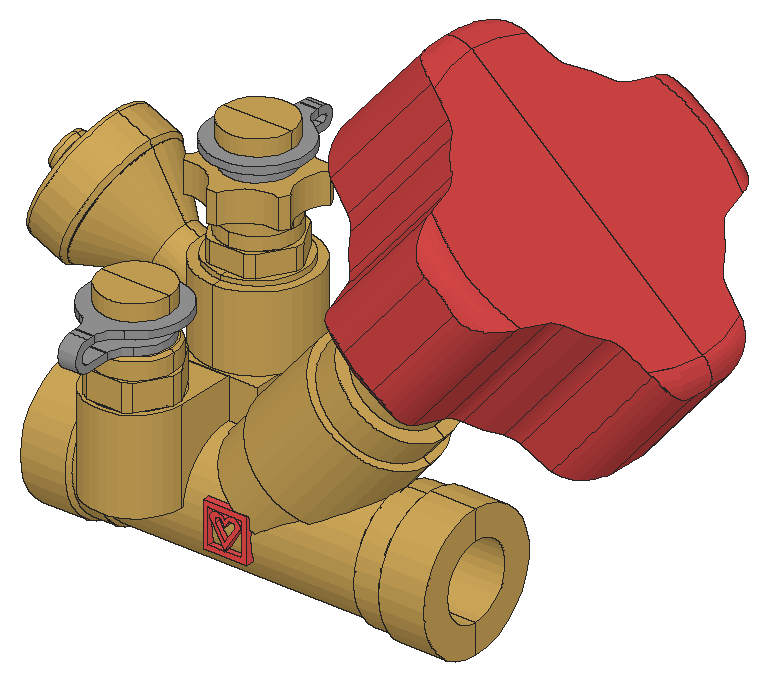
Revit family "HERZ Strömax Commissioning Valve With Integral Fixed orifice Plate 4017 ML", category Rohrzubehör, Revit 2019
Family settings
  Bemaßung runder Anschluss = Durchmesser verwenden
  Teiletyp = Unterbricht
  OmniClass-Nummer = 23.65.55.14
  OmniClass-Titel = Valves for Liquid Services
  Arbeitsebenenbasiert = Nein
  Immer vertikal = Ja
  Beim Laden mit Abzugskörper schneiden = Nein
  Gemeinsam genutzt = Nein
Parameters
  kvs-value [instance] = if(Nennweite = 15.000 mm, 2, if(Nennweite = 20.000 mm, 3.6, if(Nennweite = 25.000 mm, 6.5, if(Nennweite = 32.000 mm, 13.3, if(Nennweite = 40.000 mm, 18.5, if(Nennweite = 50.000 mm, 33, 0))))))  # 2
  kv-value of orifice [instance] = if(Nennweite = 15.000 mm, 1.95, if(Nennweite = 20.000 mm, 3.95, if(Nennweite = 25.000 mm, 7.9, if(Nennweite = 32.000 mm, 15.75, if(Nennweite = 40.000 mm, 21.5, if(Nennweite = 50.000 mm, 46.7, 0))))))  # 1.95
  W01 = 50.00°  # constant formula
  URL = "www.herzvalves.com"
  SW01 = 60.00°  # constant formula
  SCRNSEQ = "ARM;ARM_TYP=\"STRV\";2"
  SCRNCODE = "05;07;02"  # constant formula
  S03 = 60.000 mm  # constant formula
  S02 [instance] = L04 + L06 + L07  # 76.800 mm
  S01 [instance] = D01 * 2  # 27.000 mm
  R03 = 21.500 mm  # constant formula
  R02 = 9.500 mm  # constant formula
  R01 = 12.000 mm  # constant formula
  Part number [instance] = size_lookup("4017_ML_", "Artnr", 0, Nennweite)  # 1401731
  Model = "STRÖMAX 4017 ML, commissioning valve in Y pattern with an orifice plate and an connection for impulse line for differential pressure measurement, with test points:\r\nDZR brass, female threaded ends, non-rising stem sealed with Triple-O-Ring, presetting through stroke limiting, handwhell with presetting digital display."
  Medium = "Water purity in accordance with the OeNORM H5195 and VDI 2035 standards.\r\nEthylene and propylene glycol can be mixed to a ratio of 25 - 50 vol. %."
  Max. operating temperature = 130 °C  # constant formula
  Max. operating pressure = 2000000.0 Pa  # constant formula
  Max. differential pressure at closed valve = 1000000.0 Pa  # constant formula
  L10 [instance] = size_lookup("4017_ML_", "L10", 1.000 mm, Nennweite)  # 28.500 mm
  L09 [instance] = size_lookup("4017_ML_", "L9", 1.000 mm, Nennweite)  # 22.500 mm
  L08 [instance] = size_lookup("4017_ML_", "L8", 1.000 mm, Nennweite)  # 12.700 mm
  L07 [instance] = size_lookup("4017_ML_", "L7", 1.000 mm, Nennweite)  # 35.100 mm
  L06 [instance] = size_lookup("4017_ML_", "L6", 1.000 mm, Nennweite)  # 6.500 mm
  L05 [instance] = size_lookup("4017_ML_", "L5", 1.000 mm, Nennweite)  # 20.200 mm
  L04 [instance] = size_lookup("4017_ML_", "L4", 1.000 mm, Nennweite)  # 35.200 mm
  L03 [instance] = size_lookup("4017_ML_", "L3", 1.000 mm, Nennweite)  # 1.000 mm
  H03 [instance] = H01 - 19.000 mm  # 1.000 mm
  H02 = 13.000 mm  # constant formula
  Field of application = "Can be used as isolating and commissioning valve."
  E01 [instance] = L00 / -2  # -41.500 mm
  E00 = 0.000 mm  # constant formula
  D09 [instance] = size_lookup("4017_ML_", "D9", 1.000 mm, Nennweite)  # 11.750 mm
  D08 [instance] = size_lookup("4017_ML_", "D8", 1.000 mm, Nennweite)  # 9.500 mm
  D07 [instance] = size_lookup("4017_ML_", "D7", 1.000 mm, Nennweite)  # 12.000 mm
  D06 [instance] = size_lookup("4017_ML_", "D6", 1.000 mm, Nennweite)  # 13.500 mm
  D05 [instance] = size_lookup("4017_ML_", "D5", 1.000 mm, Nennweite)  # 12.500 mm
  D04 [instance] = Nennweite / 2  # 7.500 mm
  IG [instance] = Nennweite / 2  # 7.500 mm
  D03 [instance] = size_lookup("4017_ML_", "D3", 1.000 mm, Nennweite)  # 11.900 mm
  D02 [instance] = size_lookup("4017_ML_", "D2", 1.000 mm, Nennweite)  # 12.700 mm
  D01 [instance] = size_lookup("4017_ML_", "D1", 1.000 mm, Nennweite)  # 13.500 mm
  Nennweite [instance] = 15.000 mm
  L02 [instance] = size_lookup("4017_ML_", "L2", 1.000 mm, Nennweite)  # 5.000 mm
  L01 [instance] = size_lookup("4017_ML_", "L1", 1.000 mm, Nennweite)  # 9.250 mm
  L00 [instance] = size_lookup("4017_ML_", "L", 1.000 mm, Nennweite)  # 83.000 mm
  Hersteller = "HERZ Armaturen Ges.m.b.H."  # constant formula
  H01 [instance] = size_lookup("4017_ML_", "H1", 1.000 mm, Nennweite)  # 20.000 mm
  GT [instance] = size_lookup("4017_ML_", "GT", 1.000 mm, Nennweite)  # 13.200 mm
  DN50 [instance] = Nennweite = 50.000 mm  # no
  DN40 [instance] = Nennweite = 40.000 mm  # no
  DN32 [instance] = Nennweite = 32.000 mm  # no
  DN25 [instance] = Nennweite = 25.000 mm  # no
  DN20 [instance] = Nennweite = 20.000 mm  # no
  DN15 [instance] = Nennweite = 15.000 mm  # yes
  Body = "DZR brass"  # constant formula
Reference planes
  plane 1 "Mitte (Vorne/hinten)": y = 0
  plane 2: z = 0
  plane 3 "Mitte (Links/rechts)": x = 0
Forms (mm)
  Revolve 1, solid, material "Messing, weicher Gelbton, geschweißt", detail levels fine
    sketch origin (470, 0, 0) x (1, 0, 0) y (0, 0, 1)
      loop
        line (-511.5, 7.5) -> (-498.3, 7.5) -> (-498.3, 0) -> (-441.7, 0) -> (-441.7, 7.5) -> (-428.5, 7.5) -> (-428.5, 13.5) -> (-437.75, 13.5) -> (-438.421, 12.7) -> (-443.421, 12.7) -> (-444.093, 11.9) -> (-495.907, 11.9) -> (-496.579, 12.7) -> (-501.579, 12.7) -> (-502.25, 13.5) -> (-511.5, 13.5) -> (-511.5, 7.5)
      axis (-511.5, 0) -> (-428.5, 0)
    angle from 0 to 360
  Revolve 2, solid, material "Messing, weicher Gelbton, geschweißt", detail levels fine
    sketch origin (0.32, 0, -0.105) x (1, 0, 0) y (0, 0, 1)
      loop
        line (-1.32, 0.105) -> (48.046, 58.937) -> (39.045, 66.49) -> (30.882, 56.761) -> (32.605, 55.315) -> (18.207, 38.155) -> (16.292, 39.762) -> (12.114, 34.783) -> (10.964, 35.747) -> (-2.02, 20.273) -> (-1.254, 19.63) -> (-7.652, 12.005) -> (-7.065, 4.926) -> (-1.32, 0.105)
      axis (-1.32, 0.105) -> (48.046, 58.937)
    angle from 0 to 360
  Extrusion 3, solid, material "Messing, weicher Gelbton, geschweißt", detail levels fine
    sketch origin (0, 0, 0) x (1, 0, 0) y (0, 1, 0)
      loop
        arc (-28.5, -12) -> (-19, -21.5) -> (-9.5, -12) r 9.5
        line (-9.5, -12) -> (-9.5, 0) -> (-28.5, 0) -> (-28.5, -12)
    from 1 <- "H03" to 20 <- "H01"
  Extrusion 4, solid, material "Messing, weicher Gelbton, geschweißt", detail levels fine
    sketch origin (0, 0, 0) x (1, 0, 0) y (0, 1, 0)
      loop
        line (-22.5, 12) -> (-22.5, 0) -> (-3.5, 0) -> (-3.5, 12)
        arc (-3.5, 12) -> (-13, 21.5) -> (-22.5, 12) r 9.5
    from 0 to 20 <- "H01"
  Extrusion 5, void
    sketch origin (0, 0, 0) x (1, 0, 0) y (0, 0, 1)
      loop
        line (55, 0) -> (80, 0) -> (80, 73) -> (55, 73) -> (55, 0)
    from 55 to -55
Cuts and joins
  Extrusion 5 cuts Revolve 2
Lines and regions (mm)
  model lines, detail levels coarse+medium
    curve 1: line (-41.5, 0, 13.5) -> (-41.5, 0, -13.5)
    curve 2: line (-41.5, 0, -13.5) -> (41.5, 0, 13.5)
    curve 3: line (41.5, 0, 13.5) -> (41.5, 0, -13.5)
    curve 4: line (41.5, 0, -13.5) -> (-41.5, 0, 13.5)
    curve 5: line (0, 0, 0) -> (38.4, 0, 66.511)
    curve 6: line (12.419, 0, 81.511) -> (64.381, 0, 51.511)
    curve 7: line (-41.5, -13.5, 0) -> (-41.5, 13.5, 0)
    curve 8: line (-41.5, 13.5, 0) -> (41.5, -13.5, 0)
    curve 9: line (41.5, -13.5, 0) -> (41.5, 13.5, 0)
    curve 10: line (41.5, 13.5, 0) -> (-41.5, -13.5, 0)
    curve 11: line (0, 0, 0) -> (38.4, 66.511, 0)
    curve 12: line (12.419, 81.511, 0) -> (64.381, 51.511, 0)
Dimensions and locks
  "L00": Revolve 1 sketch curve to Revolve 1 sketch curve
  equal spacing: Revolve 1 sketch curve, plane 3 "Mitte (Links/rechts)", Revolve 1 sketch curve
  "D01": Revolve 1 sketch curve to Revolve 1 sketch curve  (x2)
  "GT": Revolve 1 sketch curve to Revolve 1 sketch curve  (x2)
  "D06": Revolve 2 sketch curve to Revolve 2 sketch curve
  "D07": Revolve 2 sketch curve to Revolve 2 sketch curve
  "D08": Revolve 2 sketch curve to Revolve 2 sketch curve
  "D09": Revolve 2 sketch curve to Revolve 2 sketch curve
  equal spacing: curve 1, plane 3 "Mitte (Links/rechts)", curve 3
  "L00": curve 1 to curve 3
  equal spacing: curve 4, plane 2, curve 2
  "S01": curve 4 to curve 1
  "S01": curve 3 to curve 4
  equal spacing: curve 3, plane 2, curve 4
  "S02": curve 5 to curve 5
  equal spacing: curve 6, curve 5, curve 6
  "S03": curve 6 to curve 6
  equal spacing: curve 7, plane 3 "Mitte (Links/rechts)", curve 9
  "L00": curve 7 to curve 9
  equal spacing: curve 10, plane 1 "Mitte (Vorne/hinten)", curve 8
  "S01": curve 8 to curve 10
  equal spacing: curve 9, plane 1 "Mitte (Vorne/hinten)", curve 10
  "S01": curve 10 to curve 9
  "S02": curve 11 to curve 11
  equal spacing: curve 12, curve 11, curve 12
  "S03": curve 12 to curve 12
  "L01": Revolve 1 sketch curve to Revolve 1 sketch curve  (x2)
  "D02": Revolve 1 sketch curve to plane 2  (x2)
  "D03": Revolve 1 sketch curve to plane 2
  "IG": Revolve 1 sketch curve to plane 2  (x2)
  "L02": Revolve 1 sketch curve to Revolve 1 sketch curve  (x2)
  "L04": Revolve 2 sketch curve to Revolve 2 sketch curve
  "L05": Revolve 2 sketch curve to Revolve 2 sketch curve
  "D03": Revolve 2 sketch curve to plane 2
  "L06": Revolve 2 sketch curve to Revolve 2 sketch curve
  "L08": Revolve 2 sketch curve to Revolve 2 sketch curve
  "L07": Revolve 2 sketch curve to Revolve 2 sketch curve
  "D04": Revolve 2 sketch curve to Revolve 2 sketch curve
  "D05": Revolve 2 sketch curve to Revolve 2 sketch curve
  "L03": plane 3 "Mitte (Links/rechts)" to Revolve 2 sketch curve  (x2)
  "D03": nested 1 to plane 1 "Mitte (Vorne/hinten)"
  "L09": Revolve 1 to Extrusion 3 sketch curve
  "R01": Extrusion 3 sketch curve to plane 1 "Mitte (Vorne/hinten)"
  "R01": plane 1 "Mitte (Vorne/hinten)" to Extrusion 4 sketch curve
  "L10": Revolve 1 to Extrusion 4 sketch curve
  "H01": nested 2 to plane 2
  "R01": nested 2 to plane 1 "Mitte (Vorne/hinten)"
  "L09": Revolve 1 to nested 2
  Extrusion 5 sketch curve to plane 3 "Mitte (Links/rechts)" = 55.000 mm
  Extrusion 5 sketch curve to Extrusion 5 sketch curve = 25.000 mm
  Extrusion 5 sketch curve to plane 2 = 73.000 mm
  "L10": Revolve 1 to nested 9
  "R01": plane 1 "Mitte (Vorne/hinten)" to nested 9
  "H01": nested 9 to plane 2
  "R02": radius of Extrusion 3 sketch curve
  "R02": radius of Extrusion 4 sketch curve
  "W01": angle level to Revolve 2 sketch curve
  "SW01": angle plane 2 to curve 5
  "SW01": angle plane 1 "Mitte (Vorne/hinten)" to curve 11
  "W01": angle Revolve 1 sketch curve to Revolve 1 sketch curve  (x4)
  "W01": angle plane 2 to Revolve 2 sketch curve
  aligned and locked: level to plane 2
Automatic sketch dimensions
  Extrusion 5 sketch curve to level = 0.000 mm
  curve 5 to level = 0.000 mm
  plane 1 "Mitte (Vorne/hinten)" to curve 11 = 0.000 mm
  Revolve 1 sketch curve to level = 0.000 mm  (x2)
  Revolve 1 sketch curve to Revolve 1 sketch curve = 791.990 mm
  Revolve 1 sketch curve to Revolve 1 sketch curve = 2278.983 mm
  Revolve 2 sketch curve to level = 0.000 mm  (x2)
  plane 1 "Mitte (Vorne/hinten)" to Extrusion 3 sketch curve = 0.000 mm
  plane 1 "Mitte (Vorne/hinten)" to Extrusion 4 sketch curve = 0.000 mm
Nested families
  nested 1: "Herz-Logo-vorne" at (0, -11.9, 0) x (0, 1, 0) z (0, 0, 1), type "Herz-Logo-vorne", detail levels fine
  nested 2: "Messstutzen_Band_Eintritt_senkrecht_(oben)" at (-19, -12, 2.5) x (-1, 0, 0) z (0, 0, 1), type "Messstutzen_Band_Eintritt_senkrecht_(oben)", detail levels fine
    with Schutzkappe yes, Nennweite 0.000 mm, Gewicht 0.00 kg, Bestellnummer 0
  nested 3: "Strangregulierventil-Handrad (Rot) DN15-DN32" at (48.366, 0, 58.832), visible <- "DN15", type "Strangregulierventil-Handrad (Rot) DN15-DN32"
    with Nennweite 0.000 mm, Gewicht 0.00 kg, Bestellnummer 0
  nested 4: "Strangregulierventil-Handrad (Rot) DN15-DN32" at (50.13, 0, 62.126), visible <- "DN20", type "Strangregulierventil-Handrad (Rot) DN15-DN32"
    with Nennweite 0.000 mm, Gewicht 0.00 kg, Bestellnummer 0
  nested 5: "Strangregulierventil-Handrad (Rot) DN15-DN32" at (55.886, 0, 73.157), visible <- "DN25", type "Strangregulierventil-Handrad (Rot) DN15-DN32"
    with Nennweite 0.000 mm, Gewicht 0.00 kg, Bestellnummer 0
  nested 6: "Strangregulierventil-Handrad (Rot) DN15-DN32" at (60.493, 0, 82.58), visible <- "DN32", type "Strangregulierventil-Handrad (Rot) DN15-DN32"
    with Nennweite 0.000 mm, Gewicht 0.00 kg, Bestellnummer 0
  nested 7: "Strangregulierventil-Handrad (Rot) DN40-DN50" at (68.72, 0, 95.602), visible <- "DN40", type "Strangregulierventil-Handrad (Rot) DN40-DN50"
    with Nennweite 0.000 mm, Gewicht 0.00 kg, Bestellnummer 0
  nested 8: "Strangregulierventil-Handrad (Rot) DN40-DN50" at (66.762, 0, 99.586), visible <- "DN50", type "Strangregulierventil-Handrad (Rot) DN40-DN50"
    with Nennweite 0.000 mm, Gewicht 0.00 kg, Bestellnummer 0
  nested 9: "Messstutzen_Band-KFE_Austritt_senkrecht_(oben)" at (-13, 12, 24.41), type "Messstutzen_Band-KFE_Austritt_senkrecht_(oben)", detail levels fine
    with Schutzkappe yes, Nennweite 0.000 mm, Gewicht 0.00 kg, Bestellnummer 0
Connectors
  piping at (-28.3, 0, 0), diameter 15, driven by "Nennweite"
    settings: on Revolve 1, index 1, connector inside diameter 609.6 mm, connector length 0.000 mm, flow factor 0, pipe flow 0.0 L/s, pressure drop 0.0 Pa, fitting loss kfactor 0, connector angle 0.00°, fixture units 0, engagement length 0.000 mm, angle of deflection 0.00°, flow configuration 0, flow direction 1, fitting loss method 0, system type 29, joint type 0, gender type 0, connector reference index -1, connector utility 0, adjustable connector no, is connector primary yes, connector description ""
  piping at (28.3, 0, 0), diameter 15, driven by "Nennweite"
    settings: on Revolve 1, index 2, connector inside diameter 609.6 mm, connector length 0.000 mm, flow factor 0, pipe flow 0.0 L/s, pressure drop 0.0 Pa, fitting loss kfactor 0, connector angle 0.00°, fixture units 0, engagement length 0.000 mm, angle of deflection 0.00°, flow configuration 0, flow direction 2, fitting loss method 0, system type 29, joint type 0, gender type 0, connector reference index -1, connector utility 0, adjustable connector no, is connector primary no, connector description ""
Definition of nested family "Herz-Logo-vorne"
  Reference planes
    plane 1 "Mitte (Vorne/hinten)": y = 0
    plane 2: z = 0
    plane 3 "Mitte (Links/rechts)": x = 0
  Forms (mm)
    Extrusion 1, solid
      sketch origin (0.732, -0.018, 0.017) x (0, -1, 0) y (0, 0, 1)
        loop
          line (-0.018, -4.517) -> (4.482, -4.517) -> (4.482, 4.483) -> (-4.518, 4.483) -> (-4.518, -4.517) -> (-0.018, -4.517)
        loop
          line (-0.05, -3.48) -> (3.482, -3.48) -> (3.482, 3.483) -> (-3.518, 3.483) -> (-3.518, -3.48) -> (-0.05, -3.48)
        loop
          arc (-0.018, 2.383) -> (-1.543, 3.287) -> (-3.067, 2.383) r 1.738
          arc (-3.067, 2.383) -> (-3.191, 1.899) -> (-3.067, 1.415) r 1.009
          line (-3.067, 1.415) -> (-0.018, -3.281) -> (3.032, 1.415)
          arc (3.032, 1.415) -> (3.156, 1.899) -> (3.032, 2.383) r 1.009
          arc (3.032, 2.383) -> (1.507, 3.287) -> (-0.018, 2.383) r 1.738
        loop
          arc (1.885, 1.272) -> (2.005, 1.675) -> (1.885, 2.079) r 0.74
          arc (1.885, 2.079) -> (1.265, 2.416) -> (0.644, 2.079) r 0.74
          line (0.644, 2.079) -> (-0.018, 0.97) -> (-0.679, 2.079)
          arc (-0.679, 2.079) -> (-1.3, 2.416) -> (-1.921, 2.079) r 0.74
          arc (-1.921, 2.079) -> (-2.04, 1.675) -> (-1.921, 1.272) r 0.74
          line (-1.921, 1.272) -> (-0.018, -1.658) -> (1.885, 1.272)
      from 0 to 1.5
  Dimensions and locks
    aligned and locked: level to plane 2
Definition of nested family "Messstutzen_Band_Eintritt_senkrecht_(oben)"
  Parameters (values of type "Messstutzen_Band_Eintritt_senkrecht_(oben)")
    URL = "www.herz-armaturen.at"
    Schutzkappe [instance] = yes
    Nennweite [instance] = 0.000 mm
    Manufacturer = "Herz Armaturen GmbH"  # constant formula
    Gewicht [instance] = 0.00 kg
    Bestellnummer [instance] = 0
  Reference planes
    plane 1 "Mitte (Vorne/hinten)": y = 0
    plane 2: z = 0
    plane 3 "Mitte (Links/rechts)": x = 0
    plane 4 "Schlaufe 1": z = -27
    plane 5 "Schlaufe 2": z = -31.678
  Forms (mm)
    Revolve 1, solid, detail levels fine
      sketch origin (0, 0, 0) x (1, 0, 0) y (0, 0, 1)
        loop
          line (-7.4, 9) -> (-5.55, 9) -> (-5.55, 6)
          arc (-5.55, 6) -> (-5.626, 5.617) -> (-5.843, 5.293) r 1
          line (-5.843, 5.293) -> (-6.455, 4.681) -> (-6.455, 0.9) -> (-5.555, 0) -> (-2, 0) -> (-2, 17.5) -> (-8.4, 17.5)
          arc (-8.4, 17.5) -> (-7.693, 17.207) -> (-7.4, 16.5) r 1
          line (-7.4, 16.5) -> (-7.4, 9)
        loop
          line (-3.7, 27) -> (-7.3, 27) -> (-7.9, 26.4) -> (-7.9, 23) -> (-2, 23) -> (-2, 35.8) -> (-3.805, 35.8) -> (-4.415, 35.19) -> (-4.415, 30.863) -> (-3.7, 30.45) -> (-3.7, 27)
        axis (0, 0) -> (0, 35.8)
      angle from 0 to 360
    Extrusion 2, solid, detail levels fine
      sketch origin (0, 0, 17.5) x (0, 1, 0) y (-1, 0, 0)
        loop
          arc (-7.07, 5.156) -> (-7.578, 4.375) -> (-8, 3.544) r 8.75
          line (-8, 3.544) -> (-8, -3.544)
          arc (-8, -3.544) -> (-7.578, -4.375) -> (-7.07, -5.156) r 8.75
          line (-7.07, -5.156) -> (-0.93, -8.7)
          arc (-0.93, -8.7) -> (0, -8.75) -> (0.93, -8.7) r 8.75
          line (0.93, -8.7) -> (7.07, -5.156)
          arc (7.07, -5.156) -> (7.578, -4.375) -> (8, -3.544) r 8.75
          line (8, -3.544) -> (8, 3.544)
          arc (8, 3.544) -> (7.578, 4.375) -> (7.07, 5.156) r 8.75
          line (7.07, 5.156) -> (0.93, 8.7)
          arc (0.93, 8.7) -> (0, 8.75) -> (-0.93, 8.7) r 8.75
          line (-0.93, 8.7) -> (-7.07, 5.156)
      from 0 to 5.5
    Revolve 3, solid, visible <- "Schutzkappe", detail levels fine
      sketch origin (0, 0, 0) x (1, 0, 0) y (0, 0, 1)
        loop
          line (0, 35.878) -> (0, 36.678) -> (-7, 36.678) -> (-7, 33.378) -> (-6.1, 33.378) -> (-6.1, 31.678) -> (-6.9, 31.678) -> (-6.9, 30.178) -> (-4.415, 30.178) -> (-4.415, 35.268) -> (-3.805, 35.878) -> (0, 35.878)
        axis (0, 30.178) -> (0, 36.678)
      angle from 0 to 360
    Extrusion 4, solid, detail levels fine
      sketch origin (0, 0, 28.5) x (1, 0, 0) y (0, 1, 0)
        loop
          circle (0, 0) r 3.7
        loop
          arc (-3.906, 5.505) -> (0, -6.75) -> (3.906, 5.505) r 6.75
          arc (3.906, 5.505) -> (2.358, 7.288) -> (1.8, 9.582) r 5
          line (1.8, 9.582) -> (-1.8, 9.582)
          arc (-1.8, 9.582) -> (-2.358, 7.288) -> (-3.906, 5.505) r 5
      from 0 to -1.5
    Extrusion 5, solid, detail levels fine
      sketch origin (0, 0, 33.178) x (1, 0, 0) y (0, 1, 0)
        loop
          circle (0, 0) r 6.1
        loop
          arc (-4.495, 8.652) -> (0, -9.75) -> (4.495, 8.652) r 9.75
          arc (4.495, 8.652) -> (2.527, 10.493) -> (1.8, 13.089) r 5
          line (1.8, 13.089) -> (-1.8, 13.089)
          arc (-1.8, 13.089) -> (-2.527, 10.493) -> (-4.495, 8.652) r 5
      from 0 to -1.5
    Sweep 6, solid, detail levels fine
      path origin (0, 0, 0) x (0, 0, -1) y (0, -1, 0)
        loop
          line (-27.75, -9.582) -> (-27.75, -14.522)
          arc (-27.75, -14.522) -> (-30.089, -16.862) -> (-32.428, -14.522) r 2.339
          line (-32.428, -14.522) -> (-32.428, -13.089)
      profile origin (0, 12.052, 27.75) x (0, 0, 1) y (1, 0, 0)
        loop
          line (-0.75, -1.8) -> (0.75, -1.8) -> (0.75, 1.8) -> (-0.75, 1.8) -> (-0.75, -1.8)
  Dimensions and locks
    aligned and locked: level to plane 2
Definition of nested family "Strangregulierventil-Handrad (Rot) DN15-DN32"
  Parameters (values of type "Strangregulierventil-Handrad (Rot) DN15-DN32")
    URL = "www.herz-armaturen.at"
    Nennweite [instance] = 0.000 mm
    Manufacturer = "Herz Armaturen GmbH"  # constant formula
    Gewicht [instance] = 0.00 kg
    Bestellnummer [instance] = 0
  Reference planes
    plane 1 "Mitte (Vorne/hinten)": y = 0
    plane 2: z = 0
    plane 3 "Mitte (Links/rechts)": x = 0
  Forms (mm)
    Revolve 1, solid, detail levels fine
      sketch origin (0, 0, 0) x (0.766044, 0, -0.642788) y (0.642788, 0, 0.766044)
        loop
          line (0, 0) -> (0, 24.95) -> (-30.992, 24.95)
          arc (-30.992, 24.95) -> (-34.37, 23.636) -> (-35.973, 20.386) r 5
          line (-35.973, 20.386) -> (-37, 8.65) -> (-35.986, -2.936)
          arc (-35.986, -2.936) -> (-34.383, -6.186) -> (-31.005, -7.5) r 5
          line (-31.005, -7.5) -> (-15, -7.5) -> (-15, 0) -> (0, 0)
        axis (0, 24.95) -> (0, -7.5)
      angle from 0 to 360
    Extrusion 2, void
      sketch origin (13.049, 0, 15.551) x (0.766044, 0, -0.642788) y (0, 1, 0)
        loop
          line (3.861, 35.5) -> (-3.861, 35.5)
          arc (-3.861, 35.5) -> (-8.731, 33.847) -> (-11.589, 29.571) r 8
          line (-11.589, 29.571) -> (-13.284, 23.245)
          arc (-13.284, 23.245) -> (-13.982, 21.722) -> (-15.144, 20.516) r 5
          arc (-15.144, 20.516) -> (-18.031, 18.031) -> (-20.516, 15.144) r 25.5
          arc (-20.516, 15.144) -> (-21.722, 13.982) -> (-23.245, 13.284) r 5
          line (-23.245, 13.284) -> (-29.571, 11.589)
          arc (-29.571, 11.589) -> (-33.847, 8.731) -> (-35.5, 3.861) r 8
          line (-35.5, 3.861) -> (-35.5, -3.861)
          arc (-35.5, -3.861) -> (-33.847, -8.731) -> (-29.571, -11.589) r 8
          line (-29.571, -11.589) -> (-23.245, -13.284)
          arc (-23.245, -13.284) -> (-21.722, -13.982) -> (-20.516, -15.144) r 5
          arc (-20.516, -15.144) -> (-18.031, -18.031) -> (-15.144, -20.516) r 25.5
          arc (-15.144, -20.516) -> (-13.982, -21.722) -> (-13.284, -23.245) r 5
          line (-13.284, -23.245) -> (-11.589, -29.571)
          arc (-11.589, -29.571) -> (-8.731, -33.847) -> (-3.861, -35.5) r 8
          line (-3.861, -35.5) -> (3.861, -35.5)
          arc (3.861, -35.5) -> (8.731, -33.847) -> (11.589, -29.571) r 8
          line (11.589, -29.571) -> (13.284, -23.245)
          arc (13.284, -23.245) -> (13.982, -21.722) -> (15.144, -20.516) r 5
          arc (15.144, -20.516) -> (18.031, -18.031) -> (20.516, -15.144) r 25.5
          arc (20.516, -15.144) -> (21.722, -13.982) -> (23.245, -13.284) r 5
          line (23.245, -13.284) -> (29.571, -11.589)
          arc (29.571, -11.589) -> (33.847, -8.731) -> (35.5, -3.861) r 8
          line (35.5, -3.861) -> (35.5, 3.861)
          arc (35.5, 3.861) -> (33.847, 8.731) -> (29.571, 11.589) r 8
          line (29.571, 11.589) -> (23.245, 13.284)
          arc (23.245, 13.284) -> (21.722, 13.982) -> (20.516, 15.144) r 5
          arc (20.516, 15.144) -> (18.031, 18.031) -> (15.144, 20.516) r 25.5
          arc (15.144, 20.516) -> (13.982, 21.722) -> (13.284, 23.245) r 5
          line (13.284, 23.245) -> (11.589, 29.571)
          arc (11.589, 29.571) -> (8.731, 33.847) -> (3.861, 35.5) r 8
        loop
          circle (0, 0) r 38
      from -31.266 to 7.923
  Cuts and joins
    Extrusion 2 cuts Revolve 1
  Dimensions and locks
    Revolve 1 sketch curve to Revolve 1 sketch curve = 15.000 mm
    Revolve 1 sketch curve to Revolve 1 sketch curve = 16.150 mm
    Revolve 1 sketch curve to Revolve 1 sketch curve = 16.300 mm
    angle Revolve 1 sketch curve to Revolve 1 sketch curve = 95.00°
    aligned and locked: level to plane 2
Definition of nested family "Strangregulierventil-Handrad (Rot) DN40-DN50"
  Parameters (values of type "Strangregulierventil-Handrad (Rot) DN40-DN50")
    URL = "www.herz-armaturen.at"
    Nennweite [instance] = 0.000 mm
    Manufacturer = "Herz Armaturen GmbH"  # constant formula
    Gewicht [instance] = 0.00 kg
    Bestellnummer [instance] = 0
  Reference planes
    plane 1 "Mitte (Vorne/hinten)": y = 0
    plane 2: z = 0
    plane 3 "Mitte (Links/rechts)": x = 0
  Forms (mm)
    Revolve 1, solid, detail levels fine
      sketch origin (0, 0, 0) x (0.766044, 0, -0.642788) y (0.642788, 0, 0.766044)
        loop
          line (0, 0) -> (0, 24.95) -> (-50.992, 24.95)
          arc (-50.992, 24.95) -> (-54.37, 23.636) -> (-55.973, 20.386) r 5
          line (-55.973, 20.386) -> (-57, 8.65) -> (-55.986, -2.936)
          arc (-55.986, -2.936) -> (-54.383, -6.186) -> (-51.005, -7.5) r 5
          line (-51.005, -7.5) -> (-15, -7.5) -> (-15, 0) -> (0, 0)
        axis (0, 24.95) -> (0, -7.5)
      angle from 0 to 360
    Extrusion 2, void
      sketch origin (13.049, 0, 15.551) x (0.766044, 0, -0.642788) y (0, 1, 0)
        loop
          line (-55, 6.292) -> (-55, -6.292)
          arc (-55, -6.292) -> (-52.52, -13.597) -> (-46.106, -17.883) r 12
          line (-46.106, -17.883) -> (-35.399, -20.752)
          arc (-35.399, -20.752) -> (-33.541, -21.612) -> (-32.08, -23.047) r 6
          arc (-32.08, -23.047) -> (-27.931, -27.931) -> (-23.047, -32.08) r 39.5
          arc (-23.047, -32.08) -> (-21.612, -33.541) -> (-20.752, -35.399) r 6
          line (-20.752, -35.399) -> (-17.883, -46.106)
          arc (-17.883, -46.106) -> (-13.597, -52.52) -> (-6.292, -55) r 12
          line (-6.292, -55) -> (6.292, -55)
          arc (6.292, -55) -> (13.597, -52.52) -> (17.883, -46.106) r 12
          line (17.883, -46.106) -> (20.752, -35.399)
          arc (20.752, -35.399) -> (21.612, -33.541) -> (23.047, -32.08) r 6
          arc (23.047, -32.08) -> (27.931, -27.931) -> (32.08, -23.047) r 39.5
          arc (32.08, -23.047) -> (33.541, -21.612) -> (35.399, -20.752) r 6
          line (35.399, -20.752) -> (46.106, -17.883)
          arc (46.106, -17.883) -> (52.52, -13.597) -> (55, -6.292) r 12
          line (55, -6.292) -> (55, 6.292)
          arc (55, 6.292) -> (52.52, 13.597) -> (46.106, 17.883) r 12
          line (46.106, 17.883) -> (35.399, 20.752)
          arc (35.399, 20.752) -> (33.541, 21.612) -> (32.08, 23.047) r 6
          arc (32.08, 23.047) -> (27.931, 27.931) -> (23.047, 32.08) r 39.5
          arc (23.047, 32.08) -> (21.612, 33.541) -> (20.752, 35.399) r 6
          line (20.752, 35.399) -> (17.883, 46.106)
          arc (17.883, 46.106) -> (13.597, 52.52) -> (6.292, 55) r 12
          line (6.292, 55) -> (-6.292, 55)
          arc (-6.292, 55) -> (-13.597, 52.52) -> (-17.883, 46.106) r 12
          line (-17.883, 46.106) -> (-20.752, 35.399)
          arc (-20.752, 35.399) -> (-21.612, 33.541) -> (-23.047, 32.08) r 6
          arc (-23.047, 32.08) -> (-27.931, 27.931) -> (-32.08, 23.047) r 39.5
          arc (-32.08, 23.047) -> (-33.541, 21.612) -> (-35.399, 20.752) r 6
          line (-35.399, 20.752) -> (-46.106, 17.883)
          arc (-46.106, 17.883) -> (-52.52, 13.597) -> (-55, 6.292) r 12
        loop
          circle (0, 0) r 60
      from -31.161 to 7.489
  Cuts and joins
    Extrusion 2 cuts Revolve 1
  Dimensions and locks
    Revolve 1 sketch curve to Revolve 1 sketch curve = 15.000 mm
    Revolve 1 sketch curve to Revolve 1 sketch curve = 16.150 mm
    Revolve 1 sketch curve to Revolve 1 sketch curve = 16.300 mm
    Revolve 1 sketch curve to Revolve 1 sketch curve = 57.000 mm
    angle Revolve 1 sketch curve to Revolve 1 sketch curve = 95.00°
    aligned and locked: level to plane 2
Definition of nested family "Messstutzen_Band-KFE_Austritt_senkrecht_(oben)"
  Parameters (values of type "Messstutzen_Band-KFE_Austritt_senkrecht_(oben)")
    URL = "www.herz-armaturen.at"
    Schutzkappe [instance] = yes
    Nennweite [instance] = 0.000 mm
    Manufacturer = "Herz Armaturen GmbH"  # constant formula
    Gewicht [instance] = 0.00 kg
    Bestellnummer [instance] = 0
  Reference planes
    plane 1 "Mitte (Vorne/hinten)": y = 0
    plane 2: z = 0
    plane 3 "Mitte (Links/rechts)": x = 0
  Forms (mm)
    Revolve 1, solid, detail levels fine
      sketch origin (0, 0, 0) x (1, 0, 0) y (0, 0, 1)
        loop
          line (-7.4, 9) -> (-5.55, 9) -> (-5.55, 6)
          arc (-5.55, 6) -> (-5.626, 5.617) -> (-5.843, 5.293) r 1
          line (-5.843, 5.293) -> (-6.455, 4.681) -> (-6.455, 0.9) -> (-5.555, 0) -> (-2, 0) -> (-2, 23) -> (-2, 35.8) -> (-3.805, 35.8) -> (-4.415, 35.19) -> (-4.415, 30.863) -> (-3.7, 30.45) -> (-3.7, 27) -> (-7.4, 27) -> (-7.4, 9)
        axis (0, 0) -> (0, 35.8)
      angle from 0 to 360
    Extrusion 2, solid, detail levels fine
      sketch origin (0, 0, 17.5) x (0, 1, 0) y (-1, 0, 0)
        loop
          arc (-7.07, 5.156) -> (-7.578, 4.375) -> (-8, 3.544) r 8.75
          line (-8, 3.544) -> (-8, -3.544)
          arc (-8, -3.544) -> (-7.578, -4.375) -> (-7.07, -5.156) r 8.75
          line (-7.07, -5.156) -> (-0.93, -8.7)
          arc (-0.93, -8.7) -> (0, -8.75) -> (0.93, -8.7) r 8.75
          line (0.93, -8.7) -> (7.07, -5.156)
          arc (7.07, -5.156) -> (7.578, -4.375) -> (8, -3.544) r 8.75
          line (8, -3.544) -> (8, 3.544)
          arc (8, 3.544) -> (7.578, 4.375) -> (7.07, 5.156) r 8.75
          line (7.07, 5.156) -> (0.93, 8.7)
          arc (0.93, 8.7) -> (0, 8.75) -> (-0.93, 8.7) r 8.75
          line (-0.93, 8.7) -> (-7.07, 5.156)
      from -5.51 to -1.21
    Revolve 3, solid, visible <- "Schutzkappe", detail levels fine
      sketch origin (0, 0, 0) x (1, 0, 0) y (0, 0, 1)
        loop
          line (0, 35.878) -> (0, 36.678) -> (-7, 36.678) -> (-7, 33.378) -> (-6.1, 33.378) -> (-6.1, 31.678) -> (-6.9, 31.678) -> (-6.9, 30.178) -> (-4.415, 30.178) -> (-4.415, 35.268) -> (-3.805, 35.878) -> (0, 35.878)
        axis (0, 30.178) -> (0, 36.678)
      angle from 0 to 360
    Extrusion 4, solid, detail levels fine
      sketch origin (0, 0, 30) x (1, 0, 0) y (0, 1, 0)
        loop
          circle (0, 0) r 3.7
        loop
          arc (-3.906, 5.505) -> (0, -6.75) -> (3.906, 5.505) r 6.75
          arc (3.906, 5.505) -> (2.358, 7.288) -> (1.8, 9.582) r 5
          line (1.8, 9.582) -> (-1.8, 9.582)
          arc (-1.8, 9.582) -> (-2.358, 7.288) -> (-3.906, 5.505) r 5
      from 0 to -1.5
    Extrusion 5, solid, detail levels fine
      sketch origin (0, 0, 33.178) x (1, 0, 0) y (0, 1, 0)
        loop
          circle (0, 0) r 6.1
        loop
          arc (-4.495, 8.652) -> (0, -9.75) -> (4.495, 8.652) r 9.75
          arc (4.495, 8.652) -> (2.527, 10.493) -> (1.8, 13.089) r 5
          line (1.8, 13.089) -> (-1.8, 13.089)
          arc (-1.8, 13.089) -> (-2.527, 10.493) -> (-4.495, 8.652) r 5
      from 0 to -1.5
    Sweep 6, solid, detail levels fine
      path origin (0, 0, 0) x (0, 0, -1) y (0, -1, 0)
        loop
          line (-29.25, -9.582) -> (-29.25, -14.522)
          arc (-29.25, -14.522) -> (-30.839, -16.112) -> (-32.428, -14.522) r 1.589
          line (-32.428, -14.522) -> (-32.428, -13.089)
      profile origin (0, 12.052, 29.25) x (0, 0, 1) y (1, 0, 0)
        loop
          line (-0.75, -1.8) -> (0.75, -1.8) -> (0.75, 1.8) -> (-0.75, 1.8) -> (-0.75, -1.8)
    Extrusion 7, solid, detail levels fine
      sketch origin (-101.196, 0, 0) x (1, 0, 0) y (0, 1, 0)
        loop
          arc (112.053, 5.113) -> (111.589, 6) -> (111.053, 6.845) r 12
          arc (111.053, 6.845) -> (105.696, 7.794) -> (102.196, 11.958) r 7.971
          arc (102.196, 11.958) -> (101.196, 12) -> (100.196, 11.958) r 12
          arc (100.196, 11.958) -> (96.696, 7.794) -> (91.34, 6.845) r 7.971
          arc (91.34, 6.845) -> (90.804, 6) -> (90.34, 5.113) r 12
          arc (90.34, 5.113) -> (92.196, 0) -> (90.34, -5.113) r 7.971
          arc (90.34, -5.113) -> (90.804, -6) -> (91.34, -6.845) r 12
          arc (91.34, -6.845) -> (96.696, -7.794) -> (100.196, -11.958) r 7.971
          arc (100.196, -11.958) -> (101.196, -12) -> (102.196, -11.958) r 12
          arc (102.196, -11.958) -> (105.696, -7.794) -> (111.053, -6.845) r 7.971
          arc (111.053, -6.845) -> (111.589, -6) -> (112.053, -5.113) r 12
          arc (112.053, -5.113) -> (110.196, 0) -> (112.053, 5.113) r 7.971
      from 22.3 to 28.5
    Revolve 8, solid, detail levels fine
      sketch origin (0, 43.374, -20) x (0, 1, 0) y (0, 0, 1)
        loop
          line (-43.374, 0) -> (-37.874, 0) -> (-36.774, 1.1) -> (-36.774, 4.9) -> (-37.874, 6) -> (-37.874, 8.4) -> (-36.424, 8.4) -> (-36.424, 9.2) -> (-34.424, 9.2) -> (-34.424, 15.59) -> (-31.874, 15.59) -> (-31.874, 30.99) -> (-33.874, 30.99) -> (-33.874, 31.99) -> (-43.374, 31.99) -> (-43.374, 0)
        loop
          line (-43.374, 39) -> (-43.374, 36.29) -> (-35.874, 36.29) -> (-35.874, 39) -> (-43.374, 39)
        axis (-43.374, 39) -> (-43.374, 0)
      angle from 0 to 360
    Revolve 9, solid, detail levels fine
      sketch origin (0, 0, 0) x (-1, 0, 0) y (0, 0, 1)
        loop
          line (0, -1.01) -> (32.627, 14.204) -> (27.556, 25.08) -> (25.934, 25.67) -> (21.602, 23.65) -> (14.873, 11.994) -> (-2.324, 3.975) -> (0, -1.01)
        axis (32.627, 14.204) -> (0, -1.01)
      angle from 0 to 360
    Revolve 10, solid, detail levels fine
      sketch origin (-51.188, 0, -39.797) x (-0.422618, 0, -0.906308) y (-0.906308, 0, 0.422618)
        loop
          line (-56.786, 8) -> (-45.747, 8) -> (-45.747, 0) -> (-43.834, 0) -> (-42.786, 1.048) -> (-42.786, 8.048)
          arc (-42.786, 8.048) -> (-43.065, 8.721) -> (-43.738, 9) r 0.952
          line (-43.738, 9) -> (-52.974, 9)
          arc (-52.974, 9) -> (-53.548, 9.238) -> (-53.786, 9.812) r 0.812
          line (-53.786, 9.812) -> (-53.786, 12) -> (-52.786, 12) -> (-52.786, 13.03)
          arc (-52.786, 13.03) -> (-53.07, 13.716) -> (-53.756, 14) r 0.97
          line (-53.756, 14) -> (-56.786, 14) -> (-56.786, 8)
        axis (-56.786, 14) -> (-56.786, 0)
      angle from 0 to 360
  Dimensions and locks
    aligned and locked: level to plane 2
